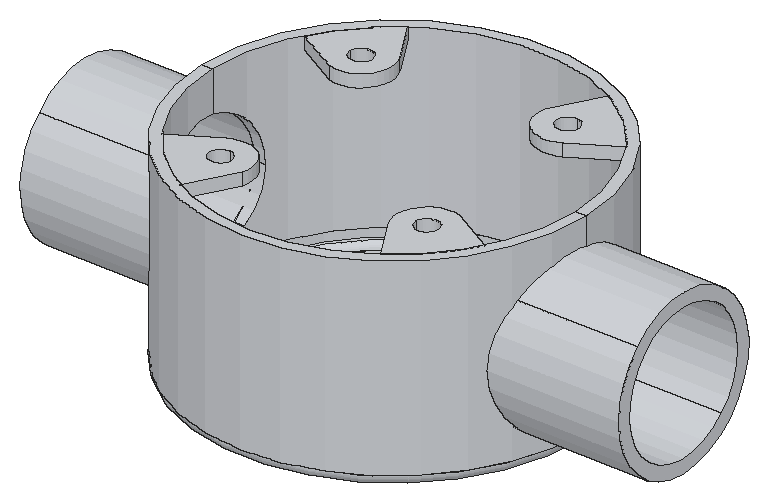
Revit family "MB22G", category Generic Models, Revit 2017
Family settings
  Can host rebar = No
  Round Connector Dimension = Use Diameter
  Part Type = Normal
  Work Plane-Based = Yes
  Always vertical = No
  Cut with Voids When Loaded = No
  Shared = No
  Room Calculation Point = No
Parameters (values of type "NBS Standard Parameters")
  Weight = "0.600Kg"
  WarrantyStartDate [instance] = "1900-12-31T23:59:59"
  WarrantyGuarantorParts = "n/a"
  WarrantyGuarantorLabor = "n/a"
  WarrantyDurationUnit = "1 year"
  WarrantyDurationParts = "n/a"
  WarrantyDurationLabor = "n/a"
  WarrantyDescription = "n/a"
  Version = "1"
  Uniclass2 = "PR_65_70-11_20"
  TagNumber [instance] = "n/a"
  SustainabilityPerformance = "n/a"
  Size = "32mm"
  Shape = "Circular"
  SerialNumber [instance] = "n/a"
  Revision = "n/a"
  ReplacementCost = "n/a"
  ProductInformation = "www.metpro.co.uk/pdf/mb22g.pdf"
  NominalWidth = 90 mm
  NominalLength = 90 mm
  NominalHeight = 45 mm
  Name = ""
  NBSTypeID = ""
  NBSReference = "90-55-10/460"
  NBSOfficeMasterTag = ""
  NBSNote = ""
  NBSDescription = "Conduit Fittings"
  NBSCertification = ""
  ModelReference = "MB22G"
  ModelNumber = "n/a"
  Material = "Malleable Iron"
  ManufacturerURL = "www.metpro.co.uk"
  ManufacturerName = "Metpro Ltd"
  Keynote = "Compliant to LU Standard 1-085"
  InstallationDate [instance] = "1900-12-31T23:59:59"
  IfcExportType = ""
  IfcExportAs = ""
  Grade = "n/a"
  Finish = "Galvanised"
  Features = "n/a"
  ExpectedLife = "n/a"
  DurationUnit = "year"
  Description = "MB22G - 32mm Through Malleable Conduit Box"
  Default Elevation = 1219.2 mm
  Constituents = "n/a"
  Color = "n/a"
  CodePerformance = "n/a"
  Category = "n/a"
  BarCode [instance] = "n/a"
  BIMObjectName = "Metpro_Metprolibrary_Conduitfittings_Metalcomponent_ Malleablecircularbox"
  Author = "Metpro Ltd"
  AssetType = ""
  AssetIdentifier [instance] = "n/a"
  AccessibilityPerformance = "n/a"
Reference planes
  plane 1 "Center (Front/Back)": y = 0
  plane 2: z = 0
  plane 3 "Center (Left/Right)": x = 0
Forms (mm)
  Revolve 1, solid
    sketch origin (27.5, 37.256, -33.771) x (1, 0, 0) y (0, 0, 1)
      loop
        line (-45, 57.541) -> (-45, 12.5)
        arc (-45, 12.5) -> (-44.268, 10.732) -> (-42.5, 10) r 2.5
        line (-42.5, 10) -> (0, 10) -> (0, 12.541) -> (-39.5, 12.541)
        arc (-39.5, 12.541) -> (-41.621, 13.42) -> (-42.5, 15.541) r 3
        line (-42.5, 15.541) -> (-42.5, 57.541) -> (-45, 57.541)
      axis (0, 10) -> (0, 57.541)
    angle from 0 to 360
  Extrusion 2, solid
    sketch origin (27.5, 37.256, -23.771) x (0, 1, 0) y (1, 0, 0)
      loop
        arc (24.665, -18.546) -> (16.794, -18.959) -> (14.297, -26.436) r 7
        line (14.297, -26.436) -> (20.218, -37.383)
        arc (20.218, -37.383) -> (28.168, -31.825) -> (34.651, -24.609) r 42.5
        line (34.651, -24.609) -> (24.665, -18.546)
      loop
        circle (21.033, -24.53) r 2.607
      loop
        arc (18.546, 24.665) -> (18.959, 16.794) -> (26.436, 14.297) r 7
        line (26.436, 14.297) -> (37.383, 20.218)
        arc (37.383, 20.218) -> (31.825, 28.168) -> (24.609, 34.651) r 42.5
        line (24.609, 34.651) -> (18.546, 24.665)
      loop
        circle (24.53, 21.033) r 2.607
      loop
        arc (-18.546, -24.665) -> (-18.959, -16.794) -> (-26.436, -14.297) r 7
        line (-26.436, -14.297) -> (-37.383, -20.218)
        arc (-37.383, -20.218) -> (-31.825, -28.168) -> (-24.609, -34.651) r 42.5
        line (-24.609, -34.651) -> (-18.546, -24.665)
      loop
        circle (-24.53, -21.033) r 2.607
      loop
        arc (-24.665, 18.546) -> (-16.794, 18.959) -> (-14.297, 26.436) r 7
        line (-14.297, 26.436) -> (-20.218, 37.383)
        arc (-20.218, 37.383) -> (-28.168, 31.825) -> (-34.651, 24.609) r 42.5
        line (-34.651, 24.609) -> (-24.665, 18.546)
      loop
        circle (-21.033, 24.53) r 2.607
    from -47.541 to -44.692
  Extrusion 3, solid
    sketch origin (27.5, 37.256, -33.771) x (0, 0, 1) y (0, -1, 0)
      loop
        circle (32.561, 2.898) r 16
      loop
        circle (32.561, 2.898) r 19
    from 37.288 to 70
  Extrusion 4, solid
    sketch origin (27.5, 37.256, -33.771) x (0, 0, 1) y (0, 1, 0)
      loop
        circle (32.561, -2.898) r 16
      loop
        circle (32.561, -2.898) r 19
    from 37.288 to 70
  Extrusion 5, void
    sketch origin (27.5, 37.256, 23.771) x (0, 1, 0) y (-1, 0, 0)
      loop
        circle (0, 0) r 42.5
    from -44.049 to -4.916
  Extrusion 6, void
    sketch origin (97.5, 37.256, -33.771) x (0, 0, -1) y (0, -1, 0)
      loop
        circle (-32.561, 2.898) r 16
    from 0 to 140
Cuts and joins
  Extrusion 5, Extrusion 6 cuts Revolve 1
  Extrusion 5, Extrusion 6 cuts Extrusion 3
  Extrusion 5, Extrusion 6 cuts Extrusion 4
Dimensions and locks
  aligned and locked: level to plane 2
